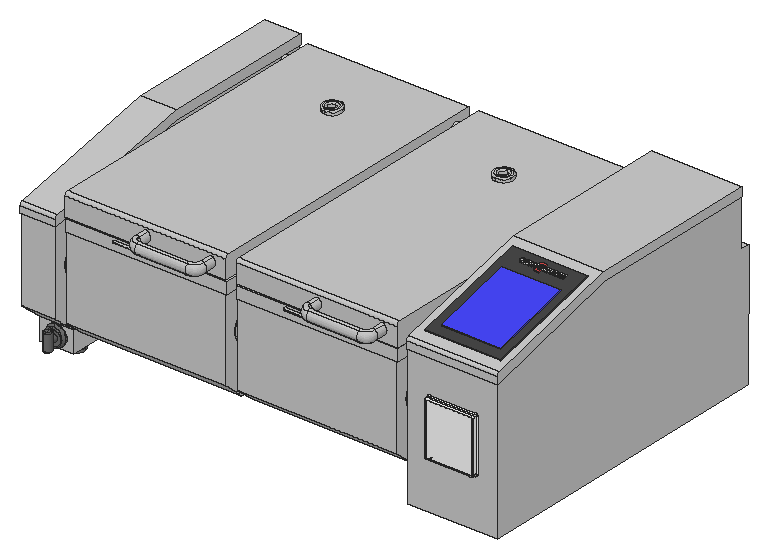
Revit family "QF_WELBILT-CONVOTHERM_FLEXX_PRO_101_DS_260211053613", category Specialty Equipment, Revit 2021
Family settings
  Round Connector Dimension = Use Diameter
  Part Type = Normal
  OmniClass Number = 23.40.40.14
  OmniClass Title = Food Service Equipment
  Work Plane-Based = No
  Always vertical = Yes
  Cut with Voids When Loaded = No
  Shared = No
  Room Calculation Point = No
Parameters (values of type "JI-MKH-001")
  Weight [instance] = 220.00 kg
  Waste Water Discharge Temperature [instance] = 0 °C
  Waste Remarks [instance] = ""
  Warranty Start Date [instance] = ""
  Warranty Duration [instance] = ""
  Volts [instance] = 400 V
  Volt Free Conn [instance] = no
  URL Recommended Spares List [instance] = ""
  URL Manufacturer [instance] = ""
  URL Cutsheet [instance] = ""
  URL Critical Spares List [instance] = ""
  URL = "www.convotherm.com"
  Technical Documentation [instance] = ""
  Tag Number [instance] = ""
  Status [instance] = ""
  Start Up Current [instance] = 0 A
  Specification by User [instance] = ""
  Specification by Manufacturer [instance] = ""
  Sound Level [instance] = ""
  Show Logo [instance] = yes
  Show Clearances [instance] = yes
  Service Life Duration [instance] = ""
  Serial Number [instance] = ""
  Seismic Rating [instance] = ""
  SMACNA No [instance] = ""
  Revision Code [instance] = ""
  Revision [instance] = ""
  Production Year [instance] = ""
  Potential Equalisation [instance] = no
  Point Load [instance] = 0
  Plumbing Remarks [instance] = ""
  Plumbing Connection Type [instance] = ""
  Phase [instance] = 3
  Other Equipment Approvals [instance] = ""
  Operational Current [instance] = 0 A
  Odor Trap Included [instance] = no
  Number of Poles [instance] = 3
  No Load Power Draw [instance] = no
  National Water Regulation Certification [instance] = no
  NAFEM Spec ID Number [instance] = ""
  Model Warning [instance] = ""
  Model = "FLEXX PRO 101 DS"
  Min Ckt Ampacity [instance] = 0 A
  Max Overcurrent Protection [instance] = 32 A
  Masterspec [instance] = ""
  Manufacturer = "WELBILT-CONVOTHERM"
  Main switch integrated [instance] = no
  Length Actual [instance] = 1290 mm
  Item Number [instance] = ""
  Installed By [instance] = ""
  Installation Date [instance] = ""
  Indirect Waste Size [instance] = 50.8 mm
  Indirect Waste Remarks [instance] = ""
  Indirect Waste Flow [instance] = 0.0 L/s
  Indirect Waste Connection Type [instance] = ""
  Indirect Waste Connection Height [instance] = 0 mm
  Identify Quantity as Lot [instance] = no
  ID [instance] = ""
  Hygiene Approval [instance] = ""
  Height Actual [instance] = 500 mm
  HP power [instance] = ""
  Furnished By [instance] = ""
  Foodservice Equipment Identifier [instance] = no
  FL Amps [instance] = 30 A
  Electrical Remarks [instance] = "Plug not included"
  Electric power [instance] = 22500 W
  Electric Connection Type [instance] = "Cord&Plug"
  Elec Conn RI Height [instance] = 0 mm
  Elec Conn Connection Height [instance] = 0 mm
  ETL Approved [instance] = no
  Direct Waste Water Discharge Temperature [instance] = -273.15 °C
  Direct Waste Size [instance] = 50.8 mm
  Direct Waste RI Height [instance] = 0 mm
  Direct Waste Flow [instance] = 0.0 L/s
  Direct Waste Connection Height [instance] = 0 mm
  Description = "MULTIFUNCTION COOKING DEVICE 2XGN 1/1 2X29LT"
  Depth Actual [instance] = 850 mm
  Default Elevation = 0 mm
  Cycle [instance] = 50 Hz
  Cost = 0
  Connection to energy optimisation system [instance] = yes
  Conn Plug [instance] = ""
  Conn Conduit [instance] = no
  Cold Water Temperature Recommended [instance] = 0 °C
  Cold Water Size [instance] = 19.05 mm
  Cold Water Remarks [instance] = ""
  Cold Water RI Height [instance] = 0 mm
  Cold Water Quality [instance] = ""
  Cold Water Minimum Pressure [instance] = 200000.0 Pa
  Cold Water Maximum Pressure [instance] = 600000.0 Pa
  Cold Water Flow [instance] = 0.0 L/s
  Cold Water Connection Type [instance] = ""
  Cold Water Connection Height [instance] = 0 mm
  Centralized building control system with digital interface [instance] = ""
  CSI MasterFormat [instance] = ""
  CE Approved [instance] = no
  Barcode [instance] = 0
  Author [instance] = ""
  Asset Identifier [instance] = ""
  Apparent Power [instance] = 22500 VA
  Accessory [instance] = no
Reference planes
  plane 1 "Center (Front/Back)": y = 0
  plane 2: z = 0
  plane 3 "Center (Left/Right)": x = 0
Forms (mm)
  Extrusion 1, solid, not visible
    sketch origin (1190.058, -50.002, 202.01) x (1, 0, 0) y (0, 1, 0)
      loop
        line (-2, 2) -> (-2, -2) -> (2, -2) -> (2, 2) -> (-2, 2)
    from -2 to 2
  Extrusion 2, solid, not visible
    sketch origin (500.024, -500.024, 102.005) x (1, 0, 0) y (0, 1, 0)
      loop
        line (-2, 2) -> (-2, -2) -> (2, -2) -> (2, 2) -> (-2, 2)
    from -2 to 2
  Extrusion 3, solid, not visible
    sketch origin (160.008, -50.002, 70.003) x (1, 0, 0) y (0, 1, 0)
      loop
        line (-2, 2) -> (-2, -2) -> (2, -2) -> (2, 2) -> (-2, 2)
    from -2 to 2
Dimensions and locks
  locked: nested 2 to Extrusion 1 at 2  (x2)
  locked: nested 3 to Extrusion 2 at 2  (x2)
  locked: nested 4 to Extrusion 3 at 2
  locked: nested 4 to Extrusion 3
  aligned and locked: level to plane 2
Nested families
  nested 1: "QF_WELBILT-CONVOTHERM_JI-MKH-001_2920" at (0, 0, 0), type "JI-MKH-001"
    with Weight 220.00 kg, Warranty Start Date "", Warranty Duration "", URL Cutsheet "", Technical Documentation "", Tag Number "", Status "", Specification by User "", Specification by Manufacturer "", Sound Level "", Solid Fuel Type "", Show Logo yes, Show Clearances yes, Service Life Duration "", Serial Number "", Seismic Rating "", SMACNA No "", Revision Code "", Revision "", Production Year "", Point Load 0, Other Equipment Approvals "", NAFEM Spec ID Number "", Model Warning "", Masterspec "", Length Actual 1290 mm, Item Number "", Installed By "", Installation Date "", Identify Quantity as Lot yes, ID "", Hygiene Approval "", Height Actual 500 mm, Furnished By "", Foodservice Equipment Identifier yes, ETL Approved yes, Depth Actual 850 mm, CSI MasterFormat "", CE Approved yes, Barcode "", Author "", Asset Identifier "", Accessory no
  nested 2: "CONN_POINT_COLDWATER_2D___Generic_Annotation" at (1190.058, -50.002, 200.01), type "CONN_POINT_COLDWATER_2D___Generic_Annotation"
    with Onboard connection annotation symbol visibility yes
  nested 3: "CONN_POINT_DRAIN_2D___Generic_Annotation" at (500.024, -500.024, 100.005), type "CONN_POINT_DRAIN_2D___Generic_Annotation"
    with Onboard connection annotation symbol visibility yes
  nested 4: "CONN_POINT_ELE_2D___Generic_Annotation" at (162.008, -50.002, 70.003), type "CONN_POINT_ELE_2D___Generic_Annotation"
    with Onboard connection annotation symbol visibility yes
Connectors
  piping at (1190.058, -50.002, 200.01), diameter 19.05, driven by "Cold Water Size", driven by "Cold Water Flow"
    settings: on Extrusion 1, index 1, connector inside diameter 609.6 mm, connector length 0 mm, flow factor 0, pipe flow 0.0 L/s, pressure drop 0.0 Pa, fitting loss kfactor 0, connector angle 0.00°, fixture units 0, engagement length 0 mm, angle of deflection 0.00°, flow configuration 1, flow direction 1, fitting loss method 0, system type 20, joint type 0, gender type 0, connector reference index -1, connector utility 0, adjustable connector no, is connector primary yes, connector description "Cold Water connection for FLEXX PRO 101 DS"
  piping at (500.024, -500.024, 100.005), diameter 50.8, driven by "Indirect Waste Size", driven by "Direct Waste Flow"
    settings: on Extrusion 2, index 2, connector inside diameter 609.6 mm, connector length 0 mm, flow factor 0, pipe flow 0.0 L/s, pressure drop 0.0 Pa, fitting loss kfactor 0, connector angle 0.00°, fixture units 0, engagement length 0 mm, angle of deflection 0.00°, flow configuration 1, flow direction 2, fitting loss method 0, system type 16, joint type 0, gender type 0, connector reference index -1, connector utility 0, adjustable connector no, is connector primary no, connector description "Waste connection for FLEXX PRO 101 DS"
  electrical at (162.008, -50.002, 70.003), driven by "Apparent Power", driven by "Number of Poles", driven by "Volts"
    settings: on Extrusion 3, index 3, voltage 400 V, apparent load 0 VA, apparent load phase1 22500 VA, apparent load phase2 0 VA, apparent load phase3 0 VA, power factor 1, load classification "Other", number of poles 3, system type 31, power factor state 1, is connector primary yes, connector utility no, sub classification motor no, connector description "Electrical connection for FLEXX PRO 101 DS"
Definition of nested family "QF_WELBILT-CONVOTHERM_JI-MKH-001_2920"
  Parameters (values of type "JI-MKH-001")
    Weight [instance] = 0.00 kg
    Warranty Start Date [instance] = ""
    Warranty Duration [instance] = ""
    URL Cutsheet [instance] = ""
    URL = "www.convotherm.com"
    Technical Documentation [instance] = ""
    Tag Number [instance] = ""
    Status [instance] = ""
    Specification by User [instance] = ""
    Specification by Manufacturer [instance] = ""
    Sound Level [instance] = ""
    Solid Fuel Type [instance] = ""
    Show Logo [instance] = yes
    Show Clearances [instance] = yes
    Service Life Duration [instance] = ""
    Serial Number [instance] = ""
    Seismic Rating [instance] = ""
    SMACNA No [instance] = ""
    Revision Code [instance] = ""
    Revision [instance] = ""
    Production Year [instance] = ""
    Point Load [instance] = 0
    Other Equipment Approvals [instance] = ""
    NAFEM Spec ID Number [instance] = ""
    Model Warning [instance] = ""
    Model = "JI-MKH-001"
    Masterspec [instance] = ""
    Manufacturer = "WELBILT-CONVOTHERM"
    Length Actual [instance] = 0 mm
    Item Number [instance] = ""
    Installed By [instance] = ""
    Installation Date [instance] = ""
    Identify Quantity as Lot [instance] = yes
    ID [instance] = ""
    Hygiene Approval [instance] = ""
    Height Actual [instance] = 0 mm
    Furnished By [instance] = ""
    Foodservice Equipment Identifier [instance] = yes
    ETL Approved [instance] = yes
    Description = "ELECTRIC MULTIFUNCTION DEVICE - PANEL ON RIGHT SIDE 2XGN 1-1 2X29LT"
    Depth Actual [instance] = 0 mm
    Default Elevation = 0 mm
    CSI MasterFormat [instance] = ""
    CE Approved [instance] = yes
    Barcode [instance] = ""
    Author [instance] = ""
    Asset Identifier [instance] = ""
    Assembly Code = "E1090320"
    Accessory [instance] = yes
  Reference planes
    plane 1 "Back": y = 0
    plane 2: z = 0
    plane 3 "Left": x = 0
    plane 4 "Right": x = 1290
    plane 5 "Front": y = -850
    plane 6 "Top": z = 500
  Forms (mm)
    Extrusion 1, solid
      sketch origin (0, 0, 0) x (0, 1, 0) y (0, 0, 1)
        loop
          line (0, 10) -> (0, 349) -> (-25, 349) -> (-25, 425) -> (-439.615, 425) -> (-848, 346.357) -> (-848, 120.346) -> (-788, 70) -> (-788, 10) -> (0, 10)
      from 2 to 94
    Extrusion 2, solid
      sketch origin (1290, 10, 0) x (0, -1, 0) y (0, 0, 1)
        loop
          line (860, 384.507) -> (860, 403.241)
          arc (860, 403.241) -> (858.092, 408.782) -> (853.177, 411.974) r 9
          line (853.177, 411.974) -> (500.123, 500) -> (33, 500) -> (33, 475) -> (497.053, 475) -> (860, 384.507)
      from 0 to 245
    Extrusion 3, solid
      sketch origin (0, 0, -550) x (0, 1, 0) y (0, 0, 1)
        loop
          line (-122, 624.3) -> (-122, 894) -> (-848, 894) -> (-848, 670.346) -> (-793.125, 624.3) -> (-122, 624.3)
      from 124.5 to 553.5
    Extrusion 4, solid
      sketch origin (0, 0, -550) x (0, 1, 0) y (0, 0, 1)
        loop
          line (-849, 924) -> (-849, 894) -> (-119, 894) -> (-119, 924) -> (-849, 924)
      from 121.5 to 556.5
    Extrusion 5, solid
      sketch origin (0, -0.3, -550) x (0, 1, 0) y (0, 0, 1)
        loop
          line (-31.2, 941) -> (-31.2, 989) -> (-840.7, 989)
          arc (-840.7, 989) -> (-847.064, 986.364) -> (-849.7, 980) r 9
          line (-849.7, 980) -> (-849.7, 929) -> (-61.2, 929) -> (-31.2, 941)
      from 121.5 to 556.5
    Extrusion 6, solid
      sketch origin (0, 9.5, -542) x (0, 1, 0) y (0, 0, 1)
        loop
          circle (-85, 946) r 20
      from 94 to 121.5
    Extrusion 7, solid
      sketch origin (1210, 9.5, -542) x (0, 1, 0) y (0, 0, -1)
        loop
          circle (-85, -946) r 20
      from 163 to 190.5
    Extrusion 8, solid
      sketch origin (-267.7, 10, -525.5) x (1, 0, 0) y (0, 1, 0)
        loop
          arc (521.7, -864) -> (523.164, -867.536) -> (526.7, -869) r 5
          line (526.7, -869) -> (686.7, -869)
          arc (686.7, -869) -> (690.236, -867.536) -> (691.7, -864) r 5
          line (691.7, -864) -> (691.7, -859) -> (521.7, -859) -> (521.7, -864)
      from 893.5 to 895.5
    Extrusion 9, solid
      sketch origin (0, 0, 0) x (0, 1, 0) y (0, 0, 1)
        loop
          line (-95, 10) -> (-95, 60.495) -> (-35, 132) -> (0, 132) -> (0, 349) -> (-43, 349) -> (-54.129, 298) -> (-76, 284.498) -> (-76, 145.4) -> (-107.886, 107.4) -> (-118.011, 61) -> (-251.5, 61) -> (-251.5, 10) -> (-95, 10)
      from 94 to 1047
    Sweep 10, solid
      path origin (-3, -850, -538) x (-1, 0, 0) y (0, 0, 1)
        loop
          line (-1108.5, 825.639) -> (-1231.5, 825.639)
          arc (-1231.5, 825.639) -> (-1231.854, 825.492) -> (-1232, 825.139) r 0.5
          line (-1232, 825.139) -> (-1232, 684.139)
          arc (-1232, 684.139) -> (-1231.854, 683.785) -> (-1231.5, 683.639) r 0.5
          line (-1231.5, 683.639) -> (-1108.5, 683.639)
          arc (-1108.5, 683.639) -> (-1108.146, 683.785) -> (-1108, 684.139) r 0.5
          line (-1108, 684.139) -> (-1108, 825.139)
          arc (-1108, 825.139) -> (-1108.146, 825.492) -> (-1108.5, 825.639) r 0.5
      profile origin (1167, -850, 287.639) x (0, 0, -1) y (0, 1, 0)
        loop
          line (0, -11) -> (0, 2) -> (-6, 2)
          arc (-6, 2) -> (-3.879, 1.121) -> (-3, -1) r 3
          line (-3, -1) -> (-3, -8)
          arc (-3, -8) -> (-2.121, -10.121) -> (0, -11) r 3
    Extrusion 11, solid
      sketch origin (-3, -850, -538) x (-1, 0, 0) y (0, 0, 1)
        loop
          arc (-1231.5, 825.639) -> (-1231.854, 825.492) -> (-1232, 825.139) r 0.5
          line (-1232, 825.139) -> (-1232, 684.139)
          arc (-1232, 684.139) -> (-1231.854, 683.785) -> (-1231.5, 683.639) r 0.5
          line (-1231.5, 683.639) -> (-1108.5, 683.639)
          arc (-1108.5, 683.639) -> (-1108.146, 683.785) -> (-1108, 684.139) r 0.5
          line (-1108, 684.139) -> (-1108, 825.139)
          arc (-1108, 825.139) -> (-1108.146, 825.492) -> (-1108.5, 825.639) r 0.5
          line (-1108.5, 825.639) -> (-1231.5, 825.639)
      from 2 to -11
    Revolve 12, solid
      sketch origin (339, 10, -552) x (0, 1, 0) y (0, 0, 1)
        loop
          line (-216.7, 991) -> (-204.2, 991) -> (-204.2, 998)
          arc (-204.2, 998) -> (-205.079, 1000.121) -> (-207.2, 1001) r 3
          line (-207.2, 1001) -> (-213.7, 1001)
          arc (-213.7, 1001) -> (-215.821, 1000.121) -> (-216.7, 998) r 3
          line (-216.7, 998) -> (-216.7, 991)
        axis (-229.2, 991) -> (-229.2, 1001)
      angle from 0 to 360
    Extrusion 13, solid, visible <- "Show Clearances", detail levels coarse
      sketch origin (0, 18.5, -552) x (0, 1, 0) y (0, 0, 1)
        loop
          line (-50, 991) -> (-50, 1730.5)
          arc (-50, 1730.5) -> (-602.181, 1518.95) -> (-868.5, 991) r 820
          line (-868.5, 991) -> (-50, 991)
      from 121.5 to 556.5
    Revolve 14, solid
      sketch origin (48, 22, -690.054) x (0, 1, 0) y (0, 0, 1)
        loop
          line (-840, 753.054) -> (-847.5, 753.054) -> (-847.5, 750.054) -> (-851, 750.054) -> (-851, 708.054) -> (-848, 705.054) -> (-840, 705.054) -> (-840, 753.054)
        axis (-840, 753.054) -> (-840, 705.054)
      angle from 0 to 360
    Revolve 15, solid
      sketch origin (48, 22, -690.054) x (0, 1, 0) y (0, 0, 1)
        loop
          line (-810, 730.054) -> (-810, 757.554) -> (-812, 757.554) -> (-820.172, 754.085)
          arc (-820.172, 754.085) -> (-821.502, 752.979) -> (-822, 751.323) r 3
          line (-822, 751.323) -> (-822, 741.054) -> (-840, 741.054) -> (-840, 730.054) -> (-810, 730.054)
        axis (-810, 730.054) -> (-840, 730.054)
      angle from 0 to 360
    Extrusion 16, solid
      sketch origin (-3, 1901.903, 1007.766) x (0, 0.970296, 0.241922) y (-1, 0, 0)
        loop
          line (-2472.158, -1067.5) -> (-2776.158, -1067.5) -> (-2776.158, -1272.5) -> (-2472.158, -1272.5) -> (-2472.158, -1067.5)
      from 85 to 87
    Extrusion 17, solid
      sketch origin (-3, 1901.903, 1007.766) x (0, 0.970296, 0.241922) y (-1, 0, 0)
        loop
          line (-2537.158, -1090.5) -> (-2748.158, -1090.5) -> (-2748.158, -1249.5) -> (-2537.158, -1249.5) -> (-2537.158, -1090.5)
      from 85 to 88
    Sweep 18, solid
      path origin (-212, 9, 409) x (0, 1, 0) y (-1, 0, 0)
        loop
          line (-859, -562.5) -> (-890, -562.5)
          arc (-890, -562.5) -> (-896.364, -565.136) -> (-899, -571.5) r 9
          line (-899, -571.5) -> (-899, -708.5)
          arc (-899, -708.5) -> (-896.364, -714.864) -> (-890, -717.5) r 9
          line (-890, -717.5) -> (-859, -717.5)
      profile origin (350.5, -865.5, 409) x (1, 0, 0) y (0, 0, 1)
        loop
          arc (-15.571, 13) -> (-21.143, 0) -> (-15.571, -13) r 17.952
          arc (-15.571, -13) -> (-10.571, -15) -> (-5.571, -13) r 7.25
          arc (-5.571, -13) -> (0, 0) -> (-5.571, 13) r 17.952
          arc (-5.571, 13) -> (-10.571, 15) -> (-15.571, 13) r 7.25
    Extrusion 19, solid
      sketch origin (303, -25, -295) x (0, 1, 0) y (0, 0, -1)
        loop
          circle (-755, -536) r 30
      from 182.5 to 205
    Extrusion 20, solid
      sketch origin (290.5, -25, -295) x (0, 1, 0) y (0, 0, -1)
        loop
          circle (-755, -536) r 40
      from 166 to 170
    Extrusion 21, solid
      sketch origin (937, 9.5, -542) x (0, 1, 0) y (0, 0, -1)
        loop
          circle (-85, -946) r 20
      from 352.5 to 380.5
    Extrusion 22, solid
      sketch origin (297, -25, -295) x (0, 1, 0) y (0, 0, -1)
        loop
          circle (-755, -536) r 40
      from 199 to 203
    Extrusion 23, solid
      sketch origin (0, 0, 100) x (0, 1, 0) y (0, 0, 1)
        loop
          line (-442, 350) -> (-842.702, 272.837)
          arc (-842.702, 272.837) -> (-847.94, 269.73) -> (-850, 263.999) r 9
          line (-850, 263.999) -> (-850, 245.972) -> (-439.615, 325) -> (-23, 325) -> (-23, 350) -> (-442, 350)
      from 0 to 96
    Extrusion 24, solid
      sketch origin (1290, 10, 0) x (0, -1, 0) y (0, 0, 1)
        loop
          line (10, 10) -> (858, 10) -> (858, 385.006) -> (497.053, 475) -> (35, 475) -> (35, 349) -> (10, 349) -> (10, 10)
      from 2 to 243
    Extrusion 25, solid
      sketch origin (463, 0, -550) x (0, 1, 0) y (0, 0, 1)
        loop
          line (-122, 624.3) -> (-122, 894) -> (-848, 894) -> (-848, 670.346) -> (-793.125, 624.3) -> (-122, 624.3)
      from 124.5 to 553.5
    Extrusion 26, solid
      sketch origin (463, 0, -550) x (0, 1, 0) y (0, 0, 1)
        loop
          line (-849, 924) -> (-849, 894) -> (-119, 894) -> (-119, 924) -> (-849, 924)
      from 121.5 to 556.5
    Extrusion 27, solid
      sketch origin (463, -0.3, -550) x (0, 1, 0) y (0, 0, 1)
        loop
          line (-31.2, 941) -> (-31.2, 989) -> (-840.7, 989)
          arc (-840.7, 989) -> (-847.064, 986.364) -> (-849.7, 980) r 9
          line (-849.7, 980) -> (-849.7, 929) -> (-61.2, 929) -> (-31.2, 941)
      from 121.5 to 556.5
    Extrusion 28, solid
      sketch origin (195.3, 10, -525.5) x (1, 0, 0) y (0, 1, 0)
        loop
          arc (521.7, -864) -> (523.164, -867.536) -> (526.7, -869) r 5
          line (526.7, -869) -> (686.7, -869)
          arc (686.7, -869) -> (690.236, -867.536) -> (691.7, -864) r 5
          line (691.7, -864) -> (691.7, -859) -> (521.7, -859) -> (521.7, -864)
      from 893.5 to 895.5
    Revolve 29, solid
      sketch origin (802, 10, -552) x (0, 1, 0) y (0, 0, 1)
        loop
          line (-216.7, 991) -> (-204.2, 991) -> (-204.2, 998)
          arc (-204.2, 998) -> (-205.079, 1000.121) -> (-207.2, 1001) r 3
          line (-207.2, 1001) -> (-213.7, 1001)
          arc (-213.7, 1001) -> (-215.821, 1000.121) -> (-216.7, 998) r 3
          line (-216.7, 998) -> (-216.7, 991)
        axis (-229.2, 991) -> (-229.2, 1001)
      angle from 0 to 360
    Sweep 30, solid
      path origin (251, 9, 409) x (0, 1, 0) y (-1, 0, 0)
        loop
          line (-859, -562.5) -> (-890, -562.5)
          arc (-890, -562.5) -> (-896.364, -565.136) -> (-899, -571.5) r 9
          line (-899, -571.5) -> (-899, -708.5)
          arc (-899, -708.5) -> (-896.364, -714.864) -> (-890, -717.5) r 9
          line (-890, -717.5) -> (-859, -717.5)
      profile origin (813.5, -865.5, 409) x (1, 0, 0) y (0, 0, 1)
        loop
          arc (-15.571, 13) -> (-21.143, 0) -> (-15.571, -13) r 17.952
          arc (-15.571, -13) -> (-10.571, -15) -> (-5.571, -13) r 7.25
          arc (-5.571, -13) -> (0, 0) -> (-5.571, 13) r 17.952
          arc (-5.571, 13) -> (-10.571, 15) -> (-15.571, 13) r 7.25
    Extrusion 31, solid
      sketch origin (766, -25, -295) x (0, 1, 0) y (0, 0, -1)
        loop
          circle (-755, -536) r 30
      from 182.5 to 208.5
    Extrusion 32, solid
      sketch origin (753.5, -25, -295) x (0, 1, 0) y (0, 0, -1)
        loop
          circle (-755, -536) r 40
      from 166 to 170
    Extrusion 33, solid
      sketch origin (756.5, -25, -295) x (0, 1, 0) y (0, 0, -1)
        loop
          circle (-755, -536) r 40
      from 199 to 203
    Extrusion 34, solid, visible <- "Show Clearances", detail levels coarse
      sketch origin (463, 18.5, -552) x (0, 1, 0) y (0, 0, 1)
        loop
          line (-50, 991) -> (-50, 1730.5)
          arc (-50, 1730.5) -> (-602.181, 1518.95) -> (-868.5, 991) r 820
          line (-868.5, 991) -> (-50, 991)
      from 121.5 to 556.5
    Extrusion 35, solid
      sketch origin (1225.5, -25, -295) x (0, 1, 0) y (0, 0, -1)
        loop
          circle (-755, -536) r 30
      from 182.5 to 205
    Extrusion 36, solid
      sketch origin (1213, -25, -295) x (0, 1, 0) y (0, 0, -1)
        loop
          circle (-755, -536) r 40
      from 166 to 170
    Extrusion 37, solid
      sketch origin (1219.5, -25, -295) x (0, 1, 0) y (0, 0, -1)
        loop
          circle (-755, -536) r 40
      from 199 to 203
    Extrusion 38, solid
      sketch origin (0, 0, 0) x (1, 0, 0) y (0, 1, 0)
        loop
          circle (73, -200) r 20
      from 0 to 5
    Extrusion 39, solid
      sketch origin (0, 0, 0) x (1, 0, 0) y (0, 1, 0)
        loop
          circle (73, -200) r 5
      from 5 to 10
    Extrusion 40, solid
      sketch origin (0, -547, 0) x (1, 0, 0) y (0, 1, 0)
        loop
          circle (73, -200) r 20
      from 0 to 5
    Extrusion 41, solid
      sketch origin (0, -547, 0) x (1, 0, 0) y (0, 1, 0)
        loop
          circle (73, -200) r 5
      from 5 to 10
    Extrusion 42, solid
      sketch origin (1015, 0, 0) x (1, 0, 0) y (0, 1, 0)
        loop
          circle (73, -200) r 20
      from 0 to 5
    Extrusion 43, solid
      sketch origin (1015, 0, 0) x (1, 0, 0) y (0, 1, 0)
        loop
          circle (73, -200) r 5
      from 5 to 10
    Extrusion 44, solid
      sketch origin (1015, -547, 0) x (1, 0, 0) y (0, 1, 0)
        loop
          circle (73, -200) r 20
      from 0 to 5
    Extrusion 45, solid
      sketch origin (1015, -547, 0) x (1, 0, 0) y (0, 1, 0)
        loop
          circle (73, -200) r 5
      from 5 to 10
    Extrusion 46, solid
      sketch origin (0, 0, 0) x (0, 1, 0) y (0, 0, 1)
        loop
          circle (-87, 325) r 10
      from 104.2 to 1036.8
    Revolve 47, solid
      sketch origin (0, -87, 0) x (-1, 0, 0) y (0, 0, 1)
        loop
          line (-104.2, 325) -> (-94, 325) -> (-94, 357) -> (-101.2, 357)
          arc (-101.2, 357) -> (-103.321, 356.121) -> (-104.2, 354) r 3
          line (-104.2, 354) -> (-104.2, 325)
        axis (-94, 325) -> (-104.2, 325)
      angle from 0 to 360
    Revolve 48, solid
      sketch origin (1141, -87, 0) x (1, 0, 0) y (0, 0, -1)
        loop
          line (-104.2, -325) -> (-104.2, -354)
          arc (-104.2, -354) -> (-103.321, -356.121) -> (-101.2, -357) r 3
          line (-101.2, -357) -> (-94, -357) -> (-94, -325) -> (-104.2, -325)
        axis (-94, -325) -> (-104.2, -325)
      angle from 0 to 360
    Extrusion 49, solid, visible <- "Show Clearances", detail levels coarse
      sketch origin (0, 230.073, 703.422) x (0, 0.34202, 0.939693) y (0, -0.939693, 0.34202)
        loop
          line (-122, 624.3) -> (-122, 894) -> (-848, 894) -> (-848, 670.346) -> (-793.125, 624.3) -> (-122, 624.3)
      from 124.5 to 553.5
    Extrusion 50, solid, visible <- "Show Clearances", detail levels coarse
      sketch origin (0, 230.073, 703.422) x (0, 0.34202, 0.939693) y (0, -0.939693, 0.34202)
        loop
          line (-849, 924) -> (-849, 894) -> (-119, 894) -> (-119, 924) -> (-849, 924)
      from 121.5 to 556.5
    Extrusion 51, solid, visible <- "Show Clearances", detail levels coarse
      sketch origin (463, 230.073, 703.422) x (0, 0.34202, 0.939693) y (0, -0.939693, 0.34202)
        loop
          line (-122, 624.3) -> (-122, 894) -> (-848, 894) -> (-848, 670.346) -> (-793.125, 624.3) -> (-122, 624.3)
      from 124.5 to 553.5
    Extrusion 52, solid, visible <- "Show Clearances", detail levels coarse
      sketch origin (463, 230.073, 703.422) x (0, 0.34202, 0.939693) y (0, -0.939693, 0.34202)
        loop
          line (-849, 924) -> (-849, 894) -> (-119, 894) -> (-119, 924) -> (-849, 924)
      from 121.5 to 556.5
    Extrusion 53, solid, visible <- "Show Logo"
      sketch origin (674.704, -840.972, -204.312) x (1, 0, 0) y (0, 0.970296, 0.241922)
        loop
          line (493.556, 462.654) -> (493.556, 469.472)
          arc (493.556, 469.472) -> (472.307, 455.836) -> (493.556, 442.199) r 15
          line (493.556, 442.199) -> (493.556, 449.017)
          arc (493.556, 449.017) -> (480.852, 455.836) -> (493.556, 462.654) r 8.182
      from 598 to 600
    Extrusion 54, solid, visible <- "Show Logo"
      sketch origin (627.83, -840.851, -204.797) x (1, 0, 0) y (0, 0.970296, 0.241922)
        loop
          line (486.789, 458.563) -> (486.789, 461.29)
          arc (486.789, 461.29) -> (478.289, 455.836) -> (486.789, 450.381) r 6
          line (486.789, 450.381) -> (486.789, 453.108)
          arc (486.789, 453.108) -> (481.707, 455.836) -> (486.789, 458.563) r 3.273
        loop
          circle (495.124, 455.836) r 6
        loop
          circle (495.124, 455.836) r 3.266
        loop
          line (503.766, 449.836) -> (506.45, 449.836) -> (506.45, 457.877) -> (510.841, 449.836) -> (515.031, 449.836) -> (515.031, 461.836) -> (512.331, 461.836) -> (512.331, 452.741) -> (507.365, 461.836) -> (503.766, 461.836) -> (503.766, 449.836)
        loop
          line (516.563, 461.836) -> (520.462, 449.836) -> (524.172, 449.836) -> (528.071, 461.836) -> (524.719, 461.836) -> (522.317, 453.459) -> (519.915, 461.836) -> (516.563, 461.836)
        loop
          circle (535.182, 455.836) r 6
        loop
          circle (535.182, 455.836) r 3.266
        loop
          line (575.346, 461.836) -> (575.346, 449.836) -> (578.16, 449.836) -> (578.16, 454.169) -> (579.27, 454.169) -> (581.772, 449.836) -> (585.216, 449.836) -> (581.898, 454.755)
          arc (581.898, 454.755) -> (582.887, 455.385) -> (583.517, 456.374) r 2.709
          arc (583.517, 456.374) -> (583.803, 457.995) -> (583.517, 459.615) r 4.738
          arc (583.517, 459.615) -> (582.282, 461.225) -> (580.346, 461.836) r 3.374
          line (580.346, 461.836) -> (575.346, 461.836)
        loop
          line (578.16, 456.542) -> (579.584, 456.542)
          arc (579.584, 456.542) -> (581.041, 457.999) -> (579.584, 459.457) r 1.457
          line (579.584, 459.457) -> (578.16, 459.457) -> (578.16, 456.542)
        loop
          line (542.187, 461.836) -> (542.187, 459.168) -> (545.068, 459.168) -> (545.068, 449.836) -> (548.304, 449.836) -> (548.304, 459.168) -> (551.185, 459.168) -> (551.185, 461.836) -> (542.187, 461.836)
        loop
          line (553.224, 461.836) -> (553.224, 449.836) -> (556.106, 449.836) -> (556.106, 454.836) -> (559.986, 454.836) -> (559.986, 449.836) -> (562.867, 449.836) -> (562.867, 461.836) -> (559.986, 461.836) -> (559.986, 457.148) -> (556.106, 457.148) -> (556.106, 461.836) -> (553.224, 461.836)
        loop
          line (565.879, 461.836) -> (565.879, 449.836) -> (572.903, 449.836) -> (572.903, 452.163) -> (568.881, 452.163) -> (568.881, 454.612) -> (572.641, 454.612) -> (572.641, 457.059) -> (568.881, 457.059) -> (568.881, 459.508) -> (572.903, 459.508) -> (572.903, 461.836) -> (565.879, 461.836)
        loop
          line (586.65, 461.836) -> (586.65, 449.836) -> (589.336, 449.836) -> (589.336, 458.187) -> (591.769, 449.836) -> (594.811, 449.836) -> (597.244, 458.187) -> (597.244, 449.836) -> (599.93, 449.836) -> (599.93, 461.836) -> (595.875, 461.836) -> (593.29, 452.962) -> (590.705, 461.836) -> (586.65, 461.836)
      from 599 to 601
  Cuts and joins
    joined: Extrusion 1, Extrusion 2, Extrusion 9, Extrusion 24
  Lines and regions (mm)
    symbolic lines
      curve 1: line (0, 0, 0) -> (0, -850, 0)
      curve 2: line (0, -850, 0) -> (96, -850, 0)
      curve 3: line (96, -850, 0) -> (96, 0, 0)
      curve 4: line (121.5, -31.5, 0) -> (556.5, -31.5, 0)
      curve 5: line (121.5, -850, 0) -> (121.5, -31.5, 0)
      curve 6: line (1045, -850, 0) -> (1045, 0, 0)
      curve 7: line (1290, -850, 0) -> (1290, 0, 0)
      curve 8: line (0, 0, 0) -> (1290, 0, 0)
      curve 9: line (424, -854, 0) -> (424, -850, 0)
      curve 10: arc (419, -859, 0) -> (422.536, -857.536, 0) -> (424, -854, 0) r 5
      curve 11: line (259, -859, 0) -> (329.357, -859, 0)
      curve 12: arc (254, -854, 0) -> (255.464, -857.536, 0) -> (259, -859, 0) r 5
      curve 13: line (254, -850, 0) -> (254, -854, 0)
      curve 14: line (96, -740, 0) -> (98, -740, 0)
      curve 15: line (98, -740, 0) -> (98, -820, 0)
      curve 16: line (98, -820, 0) -> (96, -820, 0)
      curve 17: line (98, -750, 0) -> (121.5, -750, 0)
      curve 18: line (98, -810, 0) -> (121.5, -810, 0)
      curve 19: line (96, -95.5, 0) -> (121.5, -95.5, 0)
      curve 20: line (96, -55.5, 0) -> (121.5, -55.5, 0)
      curve 21: line (1045, -850, 0) -> (1290, -850, 0)
      curve 22: line (0, -442, 0) -> (96, -442, 0)
      curve 23: line (1045, -490.123, 0) -> (1290, -490.123, 0)
      curve 24: line (1045, -23, 0) -> (1290, -23, 0)
      curve 25: line (0, -23, 0) -> (96, -23, 0)
      curve 26: line (1064.5, -517.868, 0) -> (1269.5, -517.868, 0)
      curve 27: line (1064.5, -812.596, 0) -> (1064.5, -517.868, 0)
      curve 28: line (1269.5, -812.596, 0) -> (1064.5, -812.596, 0)
      curve 29: line (1269.5, -517.868, 0) -> (1269.5, -812.596, 0)
      curve 30: line (1087.5, -581.179, 0) -> (1246.5, -581.179, 0)
      curve 31: line (1087.5, -785.505, 0) -> (1087.5, -581.179, 0)
      curve 32: line (1246.5, -785.505, 0) -> (1087.5, -785.505, 0)
      curve 33: line (1246.5, -581.179, 0) -> (1246.5, -785.505, 0)
      curve 34: line (1105, -861, 0) -> (1229, -861, 0)
      curve 35: line (1102, -850, 0) -> (1102, -858, 0)
      curve 36: arc (1102, -858, 0) -> (1102.879, -860.121, 0) -> (1105, -861, 0) r 3
      curve 37: line (1232, -850, 0) -> (1232, -858, 0)
      curve 38: arc (1232, -858, 0) -> (1231.121, -860.121, 0) -> (1229, -861, 0) r 3
      curve 39: line (556.5, -31.5, 500) -> (556.5, -850, 500)
      curve 40: circle (339, -219.2, 500) r 12.5 normal (0, 0, 1)
      curve 41: circle (339, -219.2, 500) r 25 normal (0, 0, 1)
      curve 42: line (556.5, -850, 0) -> (121.5, -850, 0)
      curve 43: line (526.643, -850, 500) -> (526.643, -882, 500)
      curve 44: line (329.357, -850, 500) -> (329.357, -882, 500)
      curve 45: line (358.357, -911, 500) -> (497.643, -911, 500)
      curve 46: line (350.5, -850, 500) -> (350.5, -881, 500)
      curve 47: line (359.5, -890, 500) -> (496.5, -890, 500)
      curve 48: line (505.5, -850, 500) -> (505.5, -881, 500)
      curve 49: arc (350.5, -881, 500) -> (353.136, -887.364, 500) -> (359.5, -890, 500) r 9
      curve 50: arc (496.5, -890, 500) -> (502.864, -887.364, 500) -> (505.5, -881, 500) r 9
      curve 51: arc (329.357, -882, 500) -> (337.851, -902.506, 500) -> (358.357, -911, 500) r 29
      curve 52: arc (497.643, -911, 500) -> (518.149, -902.506, 500) -> (526.643, -882, 500) r 29
      curve 53: line (350.5, -859, 0) -> (419, -859, 0)
      curve 54: line (584.5, -31.5, 0) -> (1019.5, -31.5, 0)
      curve 55: line (584.5, -850, 0) -> (584.5, -31.5, 0)
      curve 56: line (887, -854, 0) -> (887, -850, 0)
      curve 57: arc (882, -859, 0) -> (885.536, -857.536, 0) -> (887, -854, 0) r 5
      curve 58: line (722, -859, 0) -> (792.357, -859, 0)
      curve 59: arc (717, -854, 0) -> (718.464, -857.536, 0) -> (722, -859, 0) r 5
      curve 60: line (717, -850, 0) -> (717, -854, 0)
      curve 61: line (1019.5, -31.5, 500) -> (1019.5, -850, 500)
      curve 62: circle (802, -219.2, 500) r 12.5 normal (0, 0, 1)
      curve 63: circle (802, -219.2, 500) r 25 normal (0, 0, 1)
      curve 64: line (1019.5, -850, 0) -> (584.5, -850, 0)
      curve 65: line (989.643, -850, 500) -> (989.643, -882, 500)
      curve 66: line (792.357, -850, 500) -> (792.357, -882, 500)
      curve 67: line (821.357, -911, 500) -> (960.643, -911, 500)
      curve 68: line (813.5, -850, 500) -> (813.5, -881, 500)
      curve 69: line (822.5, -890, 500) -> (959.5, -890, 500)
      curve 70: line (968.5, -850, 500) -> (968.5, -881, 500)
      curve 71: arc (813.5, -881, 500) -> (816.136, -887.364, 500) -> (822.5, -890, 500) r 9
      curve 72: arc (959.5, -890, 500) -> (965.864, -887.364, 500) -> (968.5, -881, 500) r 9
      curve 73: arc (792.357, -882, 500) -> (800.851, -902.506, 500) -> (821.357, -911, 500) r 29
      curve 74: arc (960.643, -911, 500) -> (981.149, -902.506, 500) -> (989.643, -882, 500) r 29
      curve 75: line (813.5, -859, 0) -> (882, -859, 0)
      curve 76: line (556.5, -750, 0) -> (584.5, -750, 0)
      curve 77: line (556.5, -810, 0) -> (584.5, -810, 0)
      curve 78: line (556.5, -95.5, 0) -> (584.5, -95.5, 0)
      curve 79: line (556.5, -55.5, 0) -> (584.5, -55.5, 0)
      curve 80: line (1045, -740, 0) -> (1043, -740, 0)
      curve 81: line (1043, -740, 0) -> (1043, -820, 0)
      curve 82: line (1043, -820, 0) -> (1045, -820, 0)
      curve 83: line (1043, -750, 0) -> (1019.5, -750, 0)
      curve 84: line (1043, -810, 0) -> (1019.5, -810, 0)
      curve 85: line (1045, -95.5, 0) -> (1019.5, -95.5, 0)
      curve 86: line (1045, -55.5, 0) -> (1019.5, -55.5, 0)
    symbolic lines, visible <- "Show Clearances"
      curve 87: line (121.5, -850, 500) -> (121.5, -931, 500)
      curve 88: line (121.5, -931, 500) -> (556.5, -931, 500)
      curve 89: line (556.5, -850, 500) -> (556.5, -931, 500)
      curve 90: line (584.5, -850, 500) -> (584.5, -931, 500)
      curve 91: line (584.5, -931, 500) -> (1019.5, -931, 500)
      curve 92: line (1019.5, -850, 500) -> (1019.5, -931, 500)
  Dimensions and locks
    plane 3 "Left" to plane 4 "Right" = 1290 mm
    plane 5 "Front" to plane 1 "Back" = 850 mm
    aligned and locked: level to plane 2
Definition of nested family "CONN_POINT_COLDWATER_2D___Generic_Annotation"
  Parameters (values of type "CONN_POINT_COLDWATER_2D___Generic_Annotation")
    Onboard connection annotation symbol visibility [instance] = yes
  Reference planes
    plane 1: y = 0
    plane 2: x = 0
  Lines and regions (mm)
    detail lines, visible <- "Onboard connection annotation symbol visibility"
      curve 1: circle (0, 0, 0) r 0.5 normal (0, 0, 1)
      curve 2: line (-1, 0, 0) -> (1, 0, 0)
      curve 3: line (0, 1, 0) -> (0, -1, 0)
      curve 4: line (3.241, 1, 0) -> (3.717, -1, 0)
      curve 5: line (3.717, -1, 0) -> (4.193, 1, 0)
      curve 6: line (4.193, 1, 0) -> (4.669, -1, 0)
      curve 7: line (4.669, -1, 0) -> (5.145, 1, 0)
      curve 8: arc (2.67, 0.524, 0) -> (2.004, 1, 0) -> (1.337, 0.524, 0) r 0.704
      curve 9: arc (1.337, -0.524, 0) -> (2.004, -1, 0) -> (2.67, -0.524, 0) r 0.704
      curve 10: arc (1.337, 0.524, 0) -> (1.25, 0, 0) -> (1.337, -0.524, 0) r 1.616
Definition of nested family "CONN_POINT_DRAIN_2D___Generic_Annotation"
  Parameters (values of type "CONN_POINT_DRAIN_2D___Generic_Annotation")
    Onboard connection annotation symbol visibility [instance] = yes
  Reference planes
    plane 1: y = 0
    plane 2: x = 0
  Lines and regions (mm)
    detail lines, visible <- "Onboard connection annotation symbol visibility"
      curve 1: circle (0, 0, 0) r 0.5 normal (0, 0, 1)
      curve 2: line (-1, 0, 0) -> (1, 0, 0)
      curve 3: line (0, 1, 0) -> (0, -1, 0)
      curve 4: line (1.776, 1, 0) -> (1.25, 1, 0)
      curve 5: line (1.25, 1, 0) -> (1.25, -1, 0)
      curve 6: line (1.25, -1, 0) -> (1.776, -1, 0)
      curve 7: arc (2.206, -0.862, 0) -> (2.459, -0.589, 0) -> (2.583, -0.238, 0) r 0.918
      curve 8: arc (2.583, 0.238, 0) -> (2.459, 0.589, 0) -> (2.206, 0.862, 0) r 0.918
      curve 9: arc (2.583, -0.238, 0) -> (2.599, 0, 0) -> (2.583, 0.238, 0) r 1.77
      curve 10: arc (2.206, 0.862, 0) -> (2.002, 0.965, 0) -> (1.776, 1, 0) r 0.741
      curve 11: arc (1.776, -1, 0) -> (2.002, -0.965, 0) -> (2.206, -0.862, 0) r 0.741
Definition of nested family "CONN_POINT_ELE_2D___Generic_Annotation"
  Parameters (values of type "CONN_POINT_ELE_2D___Generic_Annotation")
    Onboard connection annotation symbol visibility [instance] = yes
  Reference planes
    plane 1: y = 0
    plane 2: x = 0
  Lines and regions (mm)
    detail lines, visible <- "Onboard connection annotation symbol visibility"
      curve 1: circle (0, 0, 0) r 0.5 normal (0, 0, 1)
      curve 2: line (-1, 0, 0) -> (1, 0, 0)
      curve 3: line (0, 1, 0) -> (0, -1, 0)
      curve 4: line (2.5, 1, 0) -> (1.25, 1, 0)
      curve 5: line (1.25, 1, 0) -> (1.25, -1, 0)
      curve 6: line (1.25, -1, 0) -> (2.5, -1, 0)
      curve 7: line (1.25, 0, 0) -> (2, 0, 0)
